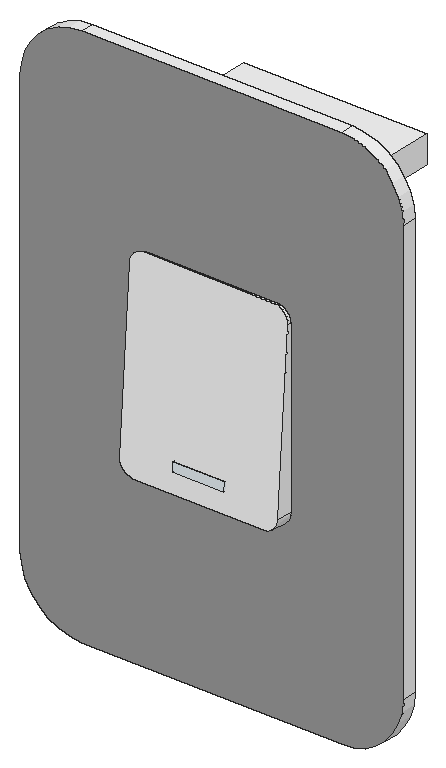
Revit family "EF_Veti-2x4-Stove-Isolator", category Electrical Fixtures, Revit 2016
Family settings
  Maintain Annotation Orientation = No
  Part Type = Switch
  Round Connector Dimension = Use Diameter
  Work Plane-Based = No
  Always vertical = Yes
  Cut with Voids When Loaded = No
  Shared = No
  Room Calculation Point = No
Parameters (values of type "Stove Isolator")
  Voltage_x = 220 V
  URL for TCP = "http://www.tcpbim.co.za"
  URL = "http://www.major-tech.com/15-veti"
  Type Comments = "Switches"
  Switch Voltage = Voltage_x  # 220 V
  Switch Height [instance] = 1200 mm
  Materials [instance] = 0 mm
  Manufacturer = "VETI"
  Made by = "Tolani Civil Projects cc"
  Load = 2860 VA
  Description = "2x4 Stove Isolator"
  Amperage = 16 A
Reference planes
  plane 1 "Center (Front/Back)": y = 0
  plane 2: z = 0
  plane 3 "Center (Left/Right)": x = 0
Forms (mm)
  Extrusion 1, solid, material "Plastic White"
    sketch origin (-181.105, 75, 0) x (1, 0, 0) y (0, 0, 1)
      loop
        arc (133.605, 1200) -> (117.695, 1193.41) -> (111.105, 1177.5) r 22.5
        line (111.105, 1177.5) -> (111.105, 1022.5)
        arc (111.105, 1022.5) -> (117.695, 1006.59) -> (133.605, 1000) r 22.5
        line (133.605, 1000) -> (228.605, 1000)
        arc (228.605, 1000) -> (244.515, 1006.59) -> (251.105, 1022.5) r 22.5
        line (251.105, 1022.5) -> (251.105, 1177.5)
        arc (251.105, 1177.5) -> (244.515, 1193.41) -> (228.605, 1200) r 22.5
        line (228.605, 1200) -> (133.605, 1200)
    from 75 to 80
  Extrusion 2, solid, material "Plastic White"
    sketch origin (-181.105, 0, 0) x (-1, 0, 0) y (0, 0, 1)
      loop
        line (-214.439, 1170) -> (-214.439, 1160) -> (-147.772, 1160) -> (-147.772, 1170) -> (-214.439, 1170)
    from 0 to 51.204
Cuts and joins
  joined: Extrusion 1, Extrusion 2
Dimensions and locks
  Extrusion 1 sketch curve to Extrusion 1 sketch curve = 200 mm
  Extrusion 2 sketch curve to Extrusion 2 sketch curve to Extrusion 1 = 10 mm, 30 mm
  Extrusion 2 sketch curve to Extrusion 2 sketch curve = 66.667 mm
  cut or joined group of Extrusion 1, Extrusion 2 to cut or joined group of Extrusion 1, Extrusion 2 = 200 mm
  cut or joined group of Extrusion 1, Extrusion 2 to cut or joined group of Extrusion 1, Extrusion 2 to cut or joined group of Extrusion 1, Extrusion 2 to cut or joined group of Extrusion 1, Extrusion 2 = 30 mm locked, 10 mm locked, 160 mm locked
  "Switch Height": level to cut or joined group of Extrusion 1, Extrusion 2
  cut or joined group of Extrusion 1, Extrusion 2 to cut or joined group of Extrusion 1, Extrusion 2 to cut or joined group of Extrusion 1, Extrusion 2 = 51.204 mm locked, 5 mm locked
  locked: cut or joined group of Extrusion 1, Extrusion 2 to cut or joined group of Extrusion 1, Extrusion 2 at 66.667
  locked: cut or joined group of Extrusion 1, Extrusion 2 to plane 1 "Center (Front/Back)"
  plane 3 "Center (Left/Right)" to Extrusion 1 sketch curve = 70 mm
  cut or joined group of Extrusion 1, Extrusion 2 to nested 2 to nested 2 to cut or joined group of Extrusion 1, Extrusion 2 = 63.754 mm locked, 72.214 mm locked, 64.032 mm locked
  plane 3 "Center (Left/Right)" to nested 2 = 29.046 mm
  aligned and locked: level to plane 2
  aligned and locked: nested 1 to plane 1 "Center (Front/Back)"
  aligned and locked: nested 2 to cut or joined group of Extrusion 1, Extrusion 2
Automatic sketch dimensions
  Extrusion 1 sketch curve to plane 3 "Center (Left/Right)" = 47.5 mm
  plane 3 "Center (Left/Right)" to Extrusion 1 sketch curve = 47.5 mm  (x2)
  level to Extrusion 1 sketch curve = 1000 mm
  Extrusion 1 sketch curve to Extrusion 1 sketch curve = 22.5 mm  (x2)
  Extrusion 2 sketch curve to Extrusion 1 = 36.667 mm  (x2)
Nested families
  nested 1: "Power Point Test 1" at (0, 0, 0) x (-1, 0, 0) z (0, 0, 1), type "Receptacle Symbol"
  nested 2: "Vertical Switch" at (-0.199, -4.919, -35.811), type "Vertical Switch"
    with Length 57.694 mm
Connectors
  electrical at (0, 25.602, 1170), driven by "Voltage_x", driven by "Load"
    settings: on cut or joined group of Extrusion 1, Extrusion 2, index 2, voltage 220 V, apparent load 0 VA, apparent load phase1 2860 VA, apparent load phase2 0 VA, apparent load phase3 0 VA, power factor 1, load classification "Other", number of poles 1, system type 31, power factor state 1, is connector primary yes, connector utility no, sub classification motor no, connector description ""
Definition of nested family "Vertical Switch"
  Parameters
    Length [instance] = 32.776 mm
  Reference planes
    plane 1 "Center (Front/Back)": y = 0
    plane 2: z = 0
    plane 3 "Center (Left/Right)": x = 0
    plane 4: x = -16.388
    plane 5: x = 16.388
  Forms (mm)
    Extrusion 1, solid
      sketch origin (-1136.248, 2.783, 1137.475) x (0, -0.069756, -0.997564) y (1, 0, 0)
        loop
          arc (-29.234, 1152.636) -> (-32.77, 1151.171) -> (-34.234, 1147.636) r 5
          line (-34.234, 1147.636) -> (-34.234, 1124.86)
          arc (-34.234, 1124.86) -> (-32.77, 1121.324) -> (-29.234, 1119.86) r 5
          line (-29.234, 1119.86) -> (32.741, 1119.86)
          arc (32.741, 1119.86) -> (36.277, 1121.324) -> (37.741, 1124.86) r 5
          line (37.741, 1124.86) -> (37.741, 1147.636)
          arc (37.741, 1147.636) -> (36.277, 1151.171) -> (32.741, 1152.636) r 5
          line (32.741, 1152.636) -> (-29.234, 1152.636)
      from 6.186 to 0.253
    Extrusion 2, solid
      sketch origin (-1136.051, -0.005, 1135.912) x (0, -0.069756, -0.997564) y (1, 0, 0)
        loop
          line (28.988, 1145.439) -> (25.488, 1145.439) -> (25.488, 1126.663) -> (28.988, 1126.663) -> (28.988, 1145.439)
      from 0 to 3.974
  Dimensions and locks
    equal spacing: plane 5, plane 3 "Center (Left/Right)", plane 4
    "Length": plane 5 to plane 4
    Extrusion 2 to plane 3 "Center (Left/Right)" to Extrusion 2 = 9.388 mm locked, 9.388 mm locked
    aligned and locked: plane 2 to level
    aligned and locked: plane 4 to Extrusion 1 sketch curve
    aligned and locked: Extrusion 1 sketch curve to plane 5
  Automatic sketch dimensions
    Extrusion 1 sketch curve to plane 5 = 5 mm
    Extrusion 1 sketch curve to Extrusion 1 sketch curve = 5 mm
    Extrusion 1 sketch curve to Extrusion 1 sketch curve = 61.975 mm
    plane 4 to Extrusion 1 sketch curve = 5 mm
    Extrusion 1 sketch curve to Extrusion 1 sketch curve = 0 mm
    Extrusion 2 sketch curve to plane 5 = 7 mm
    Extrusion 2 sketch curve to Extrusion 2 sketch curve = 3.5 mm
    plane 4 to Extrusion 2 sketch curve = 7 mm
Definition of nested family "Power Point Test 1"
  Parameters
    Plug Point Height = 1200 mm
  Reference planes
    plane 1: y = 0
    plane 2: x = 0
  Lines and regions (mm)
    Filled region 1, type "Filled region 1"
      outline origin (0.028, 0.162, 0) x (1, 0, 0) y (0, 1, 0)
        loop
          circle (-0.012, 2.074) r 0.25
    detail lines
      curve 1: line (-0.442, -0.034, 0) -> (-0.442, 0.736, 0)
      curve 2: arc (1.505, 0.736, 0) -> (0.005, 2.236, 0) -> (-1.495, 0.736, 0) r 1.5
      curve 3: line (0.451, -0.034, 0) -> (0.451, 0.736, 0)
      curve 4: line (-1.495, 0.736, 0) -> (1.505, 0.736, 0)
      curve 5: line (0.005, 2.236, 0) -> (0.005, 4.241, 0)
      curve 6: arc (-1.025, 3.953, 0) -> (0.005, 4.241, 0) -> (1.034, 3.953, 0) r 1.988
  Text (mm)
    label "A" at (-2.189, 3.565, 0), shows "Plug Point Height"
    text "IS" at (-0.646, 1.988, 0)
  Dimensions and locks
    curve 1 to curve 3 = 0.893 mm
